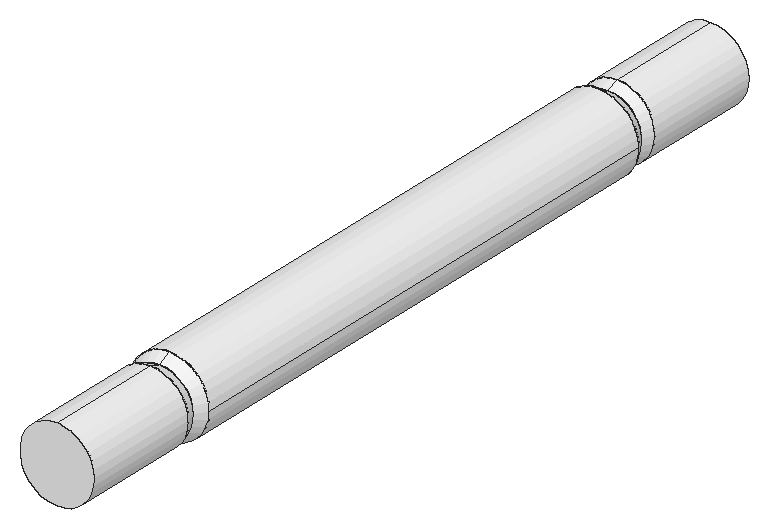
Revit family "haitariputki", category Casework, Revit 2015
Parameters (values of type "992600")
  white plastic = white plastic
  var = (Width - 32 mm) / 2  # 1 mm
  small radius = 3 mm
  URL = "http://www.korpinen.com/"
  NominalLength = 0 mm
  NominalHeight = 0 mm
  NominalDepth = 0 mm
  Model = "Haitariputki"
  Manufacturer = "Korpinen"
  Keynote = "992600"
  IfcExportType = ""
  IfcExportAs = ""
  IfcClassification = ""
  Depth = 350 mm
  Height = 34 mm
  Width = 34 mm
  Author = "ProdLib Oy"
Reference planes
  plane 1 "Back": y = -259.6
  plane 2: z = 0
  plane 3 "Center (Left/Right)": x = 18.738
  plane 4 "Left": x = 1.738
  plane 5 "Right": x = 35.738
  plane 6 "Front": y = -609.6
  plane 7 "Top": z = 34
  plane 8: y = -309.6
  plane 9: y = -559.6
  plane 10: y = -314.6
  plane 11: y = -554.6
  plane 12: y = -549.6
  plane 13: y = -319.6
  plane 14: x = 2.738
  plane 15: x = 34.738
  plane 16: z = 1
  plane 17: z = 33
  plane 18: x = 4.738
  plane 19: x = 32.738
  plane 20: z = 31
  plane 21: z = 3
  plane 22: z = 17
Forms (mm)
  Extrusion 1, solid, material "white plastic" <- "white plastic"
    sketch origin (0, -609.6, 0) x (1, 0, 0) y (0, 0, 1)
      loop
        circle (18.738, 17) r 16
    from -50 to 0
  Extrusion 2, solid, material "white plastic" <- "white plastic"
    sketch origin (0, -609.6, 0) x (1, 0, 0) y (0, 0, 1)
      loop
        circle (18.738, 17) r 16
    from -350 to -300
  Extrusion 3, solid, material "white plastic" <- "white plastic"
    sketch origin (0, -609.6, 0) x (1, 0, 0) y (0, 0, 1)
      loop
        circle (18.738, 17) r 17
    from -290 to -60
  Blend 4, solid, material "white plastic" <- "white plastic"
    base sketch origin (0, -609.6, 0) x (1, 0, 0) y (0, 0, 1)
      loop
        circle (18.738, 17) r 14
    top sketch origin (0, -609.6, 0) x (1, 0, 0) y (0, 0, 1)
      loop
        circle (18.738, 17) r 16
    from -55 to -50
  Blend 5, solid, material "white plastic" <- "white plastic"
    base sketch origin (39.119, -609.6, 0) x (1, 0, 0) y (0, 0, 1)
      loop
        circle (-20.381, 17) r 14
    top sketch origin (39.119, -609.6, 0) x (1, 0, 0) y (0, 0, 1)
      loop
        circle (-20.381, 17) r 16
    from -295 to -300
  Blend 6, solid, material "white plastic" <- "white plastic"
    base sketch origin (0, -609.6, 0) x (1, 0, 0) y (0, 0, 1)
      loop
        circle (18.738, 17) r 17
    top sketch origin (0, -609.6, 0) x (1, 0, 0) y (0, 0, 1)
      loop
        circle (18.738, 17) r 14
    from -60 to -55
  Blend 7, solid, material "white plastic" <- "white plastic"
    base sketch origin (0, -609.6, 0) x (1, 0, 0) y (0, 0, 1)
      loop
        circle (18.738, 17) r 17
    top sketch origin (0, -609.6, 0) x (1, 0, 0) y (0, 0, 1)
      loop
        circle (18.738, 17) r 14
    from -290 to -295
Lines and regions (mm)
  symbolic lines
    curve 1: line (2.738, -259.6, 0) -> (34.738, -259.6, 0)
    curve 2: line (34.738, -259.6, 0) -> (34.738, -309.6, 0)
    curve 3: line (34.738, -309.6, 0) -> (2.738, -309.6, 0)
    curve 4: line (2.738, -309.6, 0) -> (2.738, -259.6, 0)
    curve 5: line (1.738, -319.6, 0) -> (35.738, -319.6, 0)
    curve 6: line (35.738, -319.6, 0) -> (35.738, -549.6, 0)
    curve 7: line (35.738, -549.6, 0) -> (1.738, -549.6, 0)
    curve 8: line (1.738, -549.6, 0) -> (1.738, -319.6, 0)
    curve 9: line (1.738, -319.6, 0) -> (4.738, -314.6, 0)
    curve 10: line (4.738, -314.6, 0) -> (2.738, -309.6, 0)
    curve 11: line (35.738, -319.6, 0) -> (32.738, -314.6, 0)
    curve 12: line (32.738, -314.6, 0) -> (34.738, -309.6, 0)
    curve 13: line (4.738, -314.6, 0) -> (32.738, -314.6, 0)
    curve 14: line (34.738, -559.6, 0) -> (32.738, -554.6, 0)
    curve 15: line (32.738, -554.6, 0) -> (35.738, -549.6, 0)
    curve 16: line (2.738, -559.6, 0) -> (4.738, -554.6, 0)
    curve 17: line (4.738, -554.6, 0) -> (1.738, -549.6, 0)
    curve 18: line (4.738, -554.6, 0) -> (32.738, -554.6, 0)
    curve 19: line (34.738, -559.6, 0) -> (2.738, -559.6, 0)
    curve 20: line (2.738, -559.6, 0) -> (2.738, -609.6, 0)
    curve 21: line (2.738, -609.6, 0) -> (34.738, -609.6, 0)
    curve 22: line (34.738, -609.6, 0) -> (34.738, -559.6, 0)
    curve 23: line (35.738, -609.6, 33) -> (35.738, -609.6, 1)
    curve 24: line (35.738, -609.6, 1) -> (35.738, -559.6, 1)
    curve 25: line (35.738, -559.6, 1) -> (35.738, -559.6, 33)
    curve 26: line (35.738, -559.6, 33) -> (35.738, -609.6, 33)
    curve 27: line (35.738, -549.6, 0) -> (35.738, -549.6, 34)
    curve 28: line (35.738, -549.6, 34) -> (35.738, -319.6, 34)
    curve 29: line (35.738, -319.6, 34) -> (35.738, -319.6, 0)
    curve 30: line (35.738, -319.6, 0) -> (35.738, -549.6, 0)
    curve 31: line (35.738, -309.6, 33) -> (35.738, -309.6, 1)
    curve 32: line (35.738, -309.6, 1) -> (35.738, -259.6, 1)
    curve 33: line (35.738, -259.6, 1) -> (35.738, -259.6, 33)
    curve 34: line (35.738, -259.6, 33) -> (35.738, -309.6, 33)
    curve 35: line (35.738, -309.6, 33) -> (35.738, -314.6, 31)
    curve 36: line (35.738, -314.6, 31) -> (35.738, -319.6, 34)
    curve 37: line (35.738, -309.6, 1) -> (35.738, -314.6, 3)
    curve 38: line (35.738, -314.6, 3) -> (35.738, -319.6, 0)
    curve 39: line (35.738, -314.6, 3) -> (35.738, -314.6, 31)
    curve 40: line (35.738, -549.6, 34) -> (35.738, -554.6, 31)
    curve 41: line (35.738, -554.6, 31) -> (35.738, -559.6, 33)
    curve 42: line (35.738, -559.6, 1) -> (35.738, -554.6, 3)
    curve 43: line (35.738, -554.6, 3) -> (35.738, -549.6, 0)
    curve 44: line (35.738, -554.6, 31) -> (35.738, -554.6, 3)
    curve 45: arc (35.738, -609.6, 17) -> (18.738, -609.6, 34) -> (1.738, -609.6, 17) r 17
    curve 46: arc (1.738, -609.6, 17) -> (18.738, -609.6, 0) -> (35.738, -609.6, 17) r 17
    curve 47: arc (34.738, -609.6, 17) -> (18.738, -609.6, 33) -> (2.738, -609.6, 17) r 16
    curve 48: arc (34.738, -609.6, 17) -> (18.738, -609.6, 1) -> (2.738, -609.6, 17) r 16
Dimensions and locks
  "Depth": plane 6 "Front" to plane 1 "Back"
  "Width": plane 4 "Left" to plane 5 "Right"
  equal spacing: plane 4 "Left", plane 3 "Center (Left/Right)", plane 5 "Right"
  "Height": level to plane 7 "Top"
  locked: plane 1 "Back" to plane 8 at 50
  locked: plane 9 to plane 6 "Front" at 50
  locked: plane 11 to plane 9 at 5
  locked: plane 8 to plane 10 at 5
  locked: plane 12 to plane 11 at 5
  locked: plane 10 to plane 13 at 5
  "var": plane 5 "Right" to plane 15
  "var": plane 14 to plane 4 "Left"
  "var": plane 7 "Top" to plane 17
  "var": plane 16 to plane 2
  "small radius": plane 5 "Right" to plane 19
  "small radius": plane 18 to plane 4 "Left"
  "small radius": plane 7 "Top" to plane 20
  "small radius": plane 21 to plane 2
  equal spacing: plane 7 "Top", plane 22, plane 2, locked at 17 each
  aligned and locked: plane 2 to level
  aligned and locked: plane 3 "Center (Left/Right)" to Extrusion 1 sketch curve  (x2)
  aligned and locked: plane 17 to Extrusion 1 sketch curve
  aligned and locked: plane 16 to Extrusion 1 sketch curve
  aligned and locked: plane 9 to Extrusion 1
  aligned and locked: plane 6 "Front" to Extrusion 1
  aligned and locked: plane 3 "Center (Left/Right)" to Extrusion 2 sketch curve  (x2)
  aligned and locked: plane 16 to Extrusion 2 sketch curve
  aligned and locked: plane 17 to Extrusion 2 sketch curve
  aligned and locked: Extrusion 2 to plane 1 "Back"
  aligned and locked: Extrusion 2 to plane 8
  aligned and locked: plane 22 to Extrusion 3 sketch curve  (x2)
  aligned and locked: plane 5 "Right" to Extrusion 3 sketch curve
  aligned and locked: plane 4 "Left" to Extrusion 3 sketch curve
  aligned and locked: plane 13 to Extrusion 3
  aligned and locked: Extrusion 3 to plane 12
  aligned and locked: plane 3 "Center (Left/Right)" to Blend 4 sketch curve  (x4)
  aligned and locked: plane 21 to Blend 4 sketch curve
  aligned and locked: plane 20 to Blend 4 sketch curve
  aligned and locked: plane 16 to Blend 4 sketch curve
  aligned and locked: plane 17 to Blend 4 sketch curve
  aligned and locked: Blend 4 to plane 9
  aligned and locked: plane 11 to Blend 4
  aligned and locked: plane 20 to Blend 5 sketch curve
  aligned and locked: plane 21 to Blend 5 sketch curve
  aligned and locked: plane 3 "Center (Left/Right)" to Blend 5 sketch curve  (x4)
  aligned and locked: plane 17 to Blend 5 sketch curve
  aligned and locked: plane 16 to Blend 5 sketch curve
  aligned and locked: plane 8 to Blend 5
  aligned and locked: Blend 5 to plane 10
  aligned and locked: plane 3 "Center (Left/Right)" to Blend 6 sketch curve  (x4)
  aligned and locked: plane 2 to Blend 6 sketch curve
  aligned and locked: plane 7 "Top" to Blend 6 sketch curve
  aligned and locked: plane 21 to Blend 6 sketch curve
  aligned and locked: plane 20 to Blend 6 sketch curve
  aligned and locked: plane 12 to Blend 6
  aligned and locked: Blend 6 to plane 11
  aligned and locked: Blend 7 to Blend 5
  aligned and locked: Blend 5 to Extrusion 2
  aligned and locked: Blend 7 to plane 13
  aligned and locked: plane 10 to Blend 7
Automatic sketch dimensions
  Blend 7 sketch curve to Blend 7 sketch curve = 0 mm  (x4)
  Blend 7 sketch curve to plane 3 "Center (Left/Right)" = 0 mm  (x2)
  Blend 7 sketch curve to level = 0 mm
  Blend 7 sketch curve to plane 22 = 0 mm  (x2)
  Blend 7 sketch curve to plane 21 = 0 mm
  curve 5 to plane 4 "Left" = 0 mm
  curve 4 to plane 8 = 0 mm
  curve 4 to plane 14 = 0 mm
  curve 16 to plane 9 = 0 mm
  curve 16 to plane 14 = 0 mm
  curve 9 to plane 10 = 0 mm
  curve 9 to plane 18 = 0 mm
  curve 18 to plane 11 = 0 mm
  curve 18 to plane 18 = 0 mm
  curve 18 to plane 19 = 0 mm
  curve 12 to plane 19 = 0 mm
  plane 6 "Front" to curve 22 = 0 mm
  curve 22 to plane 15 = 0 mm
  curve 12 to plane 15 = 0 mm
  curve 6 to plane 5 "Right" = 0 mm
  curve 17 to plane 12 = 0 mm
  curve 9 to plane 13 = 0 mm
  plane 1 "Back" to curve 2 = 0 mm
  curve 32 to plane 1 "Back" = 0 mm
  curve 34 to plane 8 = 0 mm
  curve 39 to plane 10 = 0 mm
  plane 7 "Top" to curve 36 = 0 mm
  curve 36 to plane 13 = 0 mm
  curve 40 to plane 12 = 0 mm
  curve 41 to plane 11 = 0 mm
  curve 26 to plane 9 = 0 mm
  curve 26 to plane 6 "Front" = 0 mm
  curve 27 to level = 0 mm
  curve 33 to plane 16 = 0 mm
  curve 25 to plane 16 = 0 mm
  curve 37 to plane 21 = 0 mm
  curve 44 to plane 21 = 0 mm
  curve 40 to plane 20 = 0 mm
  curve 39 to plane 20 = 0 mm
  curve 31 to plane 17 = 0 mm
  curve 26 to plane 17 = 0 mm
  curve 45 to curve 47 = 0 mm
  curve 46 to curve 48 = 0 mm
  plane 4 "Left" to curve 45 = 0 mm
  curve 47 to plane 14 = 0 mm
  curve 46 to plane 3 "Center (Left/Right)" = 0 mm
  curve 45 to plane 22 = 0 mm
